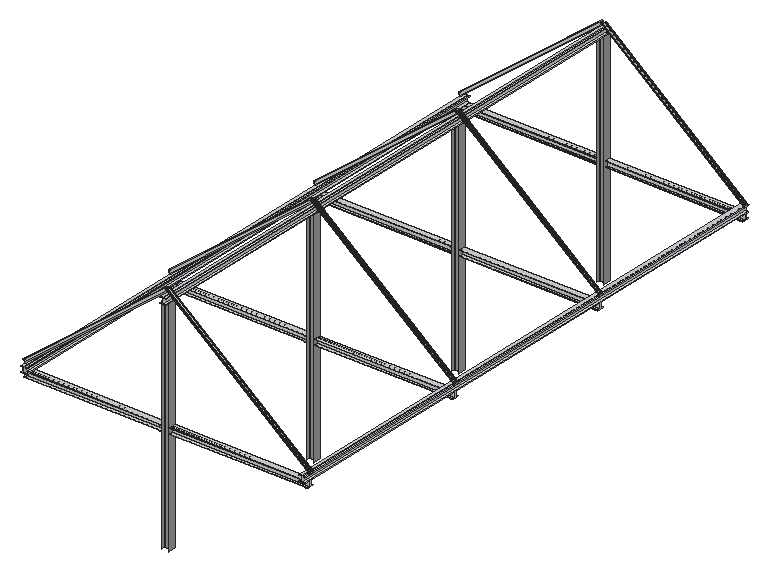
Revit family "PENSILINA", category Generic Models, Revit 2012
Parameters (values of type "Pensilina")
  PNSL Y Distanza trave di colmo da trave di bordo [instance] = 0.79 m
  PNSL Y Distanza trave di colmo da bordo non report = 0.79 m
  PNSL Numero totale pilastri = PNSL Lunghezza totale travi longitudinali / 5.00 m  # 4
  PNSL Metà parametro = 0.125 m
  PNSL Lunghezza totale travi longitudinali = 20.00 m
  PNSL Lunghezza totale per array = PNSL Lunghezza totale travi longitudinali - PNSL Larghezza pilastro matrice  # 19.74 m
  PNSL Lunghezza per matrice = 0.00 m
  PNSL Lunghezza braccio = 5.00 m
  PNSL Larghezza pilastro matrice = 0.26 m
  PNSL Estrusione scatolato pitagora = sqrt((PNSL Altezza travi di colmo e bordo ^ 2) + (PNSL Lunghezza braccio ^ 2)) + (PNSL Metà parametro / cos(PNSL Angolo scatolato arctan))  # 6.563202 m
  PNSL Angolo scatolato arctan = 90.00° - atan(PNSL Lunghezza braccio / PNSL Altezza travi di colmo e bordo)  # 38.6598°
  PNSL Altezza pilastro = 8.00 m
  Numero piloni = 6
  PNSL Altezza travi di colmo e bordo = 4.00 m
Reference planes (m)
  plane 1 "Center (Front/Back)": y = 0
  plane 2: z = 0.7
  plane 3 "Center (Left/Right)": x = 0
  plane 4: y = 30
  plane 5: z = 8.7
  plane 6: z = 4.7
  plane 7: z = 0.7
  plane 8: x = 0.849384
  plane 9: x = 0.974384
  plane 10: x = 0.724384
  plane 11: x = 5.974384
  plane 12: x = -4.275616
  plane 13: z = 8.91
  plane 14: y = 1.485605
  plane 15: z = 4.91
  plane 16: z = 8.7
  plane 17: y = -18.514395
  plane 18: y = -18.254395
Dimensions and locks (m)
  "PNSL Altezza travi di colmo e bordo": plane 5 to plane 6
  "PNSL Altezza pilastro": plane 5 to plane 7
  equal spacing: plane 10, plane 8, plane 9, locked at 0.125 each
  locked: plane 13 to plane 16 at 0.21
  "PNSL Altezza travi di colmo e bordo": plane 13 to plane 15
  "PNSL Lunghezza braccio": plane 10 to plane 12
  "PNSL Lunghezza braccio": plane 11 to plane 9
  "PNSL Metà parametro": plane 10 to plane 8
  "PNSL Lunghezza totale travi longitudinali": plane 17 to plane 14
  "PNSL Larghezza pilastro matrice": nested 4 to plane 14
  nested 4 to plane 14 = 0.26 m
  "PNSL Lunghezza totale per array": plane 18 to plane 14
  equal spacing: group 1, group 3, group 4, group 2  (x2)
  equal spacing: group 2, group 4, group 3, group 1
  aligned and locked: level to plane 2
  aligned and locked: level to plane 7
  aligned and locked: nested 4 to plane 7
  aligned and locked: plane 8 to nested 3
  aligned and locked: plane 9 to nested 4
  aligned and locked: nested 1 to plane 9
  aligned and locked: plane 11 to nested 2
  aligned and locked: nested 6 to nested 5
  aligned and locked: plane 12 to nested 6
  aligned and locked: plane 13 to nested 3
  aligned and locked: plane 14 to nested 4
  aligned and locked: plane 14 to nested 3
  aligned and locked: nested 6 to plane 14
  aligned and locked: plane 11 to nested 7
  aligned and locked: plane 15 to nested 2
  aligned and locked: plane 15 to nested 7
  aligned and locked: plane 6 to nested 1
  aligned and locked: nested 5 to plane 6
  aligned and locked: plane 16 to nested 3
  aligned and locked: plane 5 to plane 16
  aligned and locked: plane 16 to nested 4
  aligned and locked: plane 12 to nested 8
  aligned and locked: plane 14 to nested 2
  aligned and locked: nested 7 to plane 15
  aligned and locked: nested 8 to plane 15
  aligned and locked: plane 18 to nested 12
Nested families (m)
  nested 1: "Trave Acciaio HEA orizzontale" at (0.974384, 1.465605, 4.49), type "Trave Acciaio HEA orizzontale"
    with Trave acciaio lunghezza estrusione orizzontale 5.00 m
  nested 2: "Trave Acciaio HEA orizzontalepensilina" at (5.754384, -18.514395, 4.7) x (0, 1, 0) z (0, 0, 1), type "Trave Acciaio HEA orizzontalepensilina"
    with Trave acciaio HEA orizzontale lunghezza pensilina 20.00 m
  nested 3: "Trave Acciaio HEA orizzontalepensilina" at (0.739384, -18.514395, 8.7) x (0, 1, 0) z (0, 0, 1), type "Trave Acciaio HEA orizzontalepensilina"
    with Trave acciaio HEA orizzontale lunghezza pensilina 20.00 m
  nested 4: "Trave Acciaio HEA" at (0.974384, 1.225605, 0.7) x (0, 1, 0) z (0, 0, 1), type "Trave HEA  260"
    with Trave acciaio HEA ALTEZZA 8.00 m
  nested 5: "Trave Acciaio HEA orizzontale" at (0.724384, 1.465605, 4.49) x (-1, 0, 0) z (0, 0, 1), type "Trave Acciaio HEA orizzontale"
    with Trave acciaio lunghezza estrusione orizzontale 5.00 m
  nested 6: "Trave Acciaio HEA orizzontalepensilina" at (-4.055616, -18.514395, 4.7) x (0, 1, 0) z (0, 0, 1), type "Trave Acciaio HEA orizzontalepensilina"
    with Trave acciaio HEA orizzontale lunghezza pensilina 20.00 m
  nested 7: "ScatolatoSTEFANO" at (5.974384, 1.359355, 4.91) x (0, 1, 0) z (0, 0, 1), type "ScatolatoSTEFANO"
    with Parametroangolare 38.6598°, Lunghezzascatolato 6.563202 m
  nested 8: "ScatolatoSTEFANO" at (-4.275616, 1.359355, 4.91) x (0, 1, 0) z (0, 0, 1), type "ScatolatoSTEFANO"
    with Parametroangolare 38.6598°, Lunghezzascatolato 6.563202 m
  nested 9: "Trave Acciaio HEA orizzontale" at (0.974384, -18.148145, 4.49), type "Trave Acciaio HEA orizzontale"
    with Trave acciaio lunghezza estrusione orizzontale 5.00 m
  nested 10: "Trave Acciaio HEA" at (0.974384, -18.388145, 0.7) x (0, 1, 0) z (0, 0, 1), type "Trave HEA  260"
    with Trave acciaio HEA ALTEZZA 8.00 m
  nested 11: "Trave Acciaio HEA orizzontale" at (0.724384, -18.148145, 4.49) x (-1, 0, 0) z (0, 0, 1), type "Trave Acciaio HEA orizzontale"
    with Trave acciaio lunghezza estrusione orizzontale 5.00 m
  nested 12: "ScatolatoSTEFANO" at (5.974384, -18.254395, 4.91) x (0, 1, 0) z (0, 0, 1), type "ScatolatoSTEFANO"
    with Parametroangolare 38.6598°, Lunghezzascatolato 6.563202 m
  nested 13: "ScatolatoSTEFANO" at (-4.275616, -18.254395, 4.91) x (0, 1, 0) z (0, 0, 1), type "ScatolatoSTEFANO"
    with Parametroangolare 38.6598°, Lunghezzascatolato 6.563202 m
  nested 14: "Trave Acciaio HEA orizzontale" at (0.974384, -5.072312, 4.49), type "Trave Acciaio HEA orizzontale"
    with Trave acciaio lunghezza estrusione orizzontale 5.00 m
  nested 15: "Trave Acciaio HEA" at (0.974384, -5.312312, 0.7) x (0, 1, 0) z (0, 0, 1), type "Trave HEA  260"
    with Trave acciaio HEA ALTEZZA 8.00 m
  nested 16: "Trave Acciaio HEA orizzontale" at (0.724384, -5.072312, 4.49) x (-1, 0, 0) z (0, 0, 1), type "Trave Acciaio HEA orizzontale"
    with Trave acciaio lunghezza estrusione orizzontale 5.00 m
  nested 17: "ScatolatoSTEFANO" at (5.974384, -5.178562, 4.91) x (0, 1, 0) z (0, 0, 1), type "ScatolatoSTEFANO"
    with Parametroangolare 38.6598°, Lunghezzascatolato 6.563202 m
  nested 18: "ScatolatoSTEFANO" at (-4.275616, -5.178562, 4.91) x (0, 1, 0) z (0, 0, 1), type "ScatolatoSTEFANO"
    with Parametroangolare 38.6598°, Lunghezzascatolato 6.563202 m
  nested 19: "Trave Acciaio HEA orizzontale" at (0.974384, -11.610228, 4.49), type "Trave Acciaio HEA orizzontale"
    with Trave acciaio lunghezza estrusione orizzontale 5.00 m
  nested 20: "Trave Acciaio HEA" at (0.974384, -11.850228, 0.7) x (0, 1, 0) z (0, 0, 1), type "Trave HEA  260"
    with Trave acciaio HEA ALTEZZA 8.00 m
  nested 21: "Trave Acciaio HEA orizzontale" at (0.724384, -11.610228, 4.49) x (-1, 0, 0) z (0, 0, 1), type "Trave Acciaio HEA orizzontale"
    with Trave acciaio lunghezza estrusione orizzontale 5.00 m
  nested 22: "ScatolatoSTEFANO" at (5.974384, -11.716478, 4.91) x (0, 1, 0) z (0, 0, 1), type "ScatolatoSTEFANO"
    with Parametroangolare 38.6598°, Lunghezzascatolato 6.563202 m
  nested 23: "ScatolatoSTEFANO" at (-4.275616, -11.716478, 4.91) x (0, 1, 0) z (0, 0, 1), type "ScatolatoSTEFANO"
    with Parametroangolare 38.6598°, Lunghezzascatolato 6.563202 m
Definition of nested family "Trave Acciaio HEA orizzontale"
  Parameters (values of type "Trave Acciaio HEA orizzontale")
    Trave acciao HEA Lunghezza = 0.21 m
    Trave acciaio lunghezza estrusione orizzontale = 3.00 m
    Trave acciaio HEA Spessore lingue = 0.011 m
    Trave acciaio HEA Spessore anima diviso due = 0.0035 m
  Reference planes (m)
    plane 1 "Center (Front/Back)": y = 0
    plane 2: z = 0
    plane 3 "Center (Left/Right)": x = 0
    plane 4: z = 0.21
    plane 5: y = -0.22
    plane 6: y = -0.11
    plane 7: z = 0.105
    plane 8: z = 0.199
    plane 9: z = 0.011
    plane 10: y = -0.1065
    plane 11: y = -0.1135
    plane 12: x = 3
  Forms (m)
    Extrusion 1, solid
      sketch origin (0, 0, 0) x (0, 1, 0) y (0, 0, 1)
        loop
          line (0, 0.204528) -> (0, 0.21) -> (-0.22, 0.21) -> (-0.22, 0.199) -> (-0.1135, 0.199) -> (-0.1135, 0.011) -> (-0.22, 0.011) -> (-0.22, 0) -> (0, 0) -> (0, 0.011) -> (-0.1065, 0.011) -> (-0.1065, 0.199) -> (0, 0.199) -> (0, 0.204528)
      from 0 to 3
  Dimensions and locks (m)
    equal spacing: plane 1 "Center (Front/Back)", plane 6, plane 5
    equal spacing: plane 2, plane 7, plane 4
    "Trave acciaio HEA Spessore lingue": plane 9 to plane 2
    "Trave acciaio HEA Spessore lingue": plane 8 to plane 4
    "Trave acciaio HEA Spessore anima diviso due": plane 10 to plane 6
    "Trave acciaio HEA Spessore anima diviso due": plane 11 to plane 6
    "Trave acciao HEA Lunghezza": level to Extrusion 1
    "Trave acciao HEA Lunghezza": plane 4 to plane 2
    "Trave acciaio lunghezza estrusione orizzontale": plane 12 to plane 3 "Center (Left/Right)"
    aligned and locked: level to plane 2
    aligned and locked: plane 11 to Extrusion 1
    aligned and locked: Extrusion 1 to plane 10
    aligned and locked: plane 9 to Extrusion 1
    aligned and locked: Extrusion 1 to level
    aligned and locked: plane 12 to Extrusion 1
  Automatic sketch dimensions
    Extrusion 1 sketch curve to plane 5 = 0.00 m  (x2)
    Extrusion 1 sketch curve to plane 8 = 0.00 m  (x2)
    Extrusion 1 sketch curve to plane 11 = 0.00 m
    Extrusion 1 sketch curve to plane 10 = 0.00 m
    Extrusion 1 sketch curve to level = 0.00 m
    Extrusion 1 sketch curve to plane 1 "Center (Front/Back)" = 0.00 m  (x2)
    Extrusion 1 sketch curve to plane 9 = 0.00 m  (x2)
    Extrusion 1 sketch curve to plane 4 = 0.005472 m
    Extrusion 1 sketch curve to Extrusion 1 sketch curve = 0.005472 m
Definition of nested family "Trave Acciaio HEA orizzontalepensilina"
  Parameters (values of type "Trave Acciaio HEA orizzontalepensilina")
    Trave acciao HEA Lunghezza = 0.21 m
    Trave acciaio lunghezza estrusione orizzontale = 4.46 m
    Trave acciaio HEA orizzontale lunghezza pensilina = 15.00 m
    Trave acciaio HEA Spessore lingue = 0.011 m
    Trave acciaio HEA Spessore anima diviso due = 0.0035 m
  Reference planes (m)
    plane 1 "Center (Front/Back)": y = 0
    plane 2: z = 0
    plane 3 "Center (Left/Right)": x = 0
    plane 4: z = 0.21
    plane 5: y = -0.22
    plane 6: y = -0.11
    plane 7: z = 0.105
    plane 8: z = 0.199
    plane 9: z = 0.011
    plane 10: y = -0.1065
    plane 11: y = -0.1135
    plane 12: x = 15
  Forms (m)
    Extrusion 1, solid
      sketch origin (0, 0, 0) x (0, 1, 0) y (0, 0, 1)
        loop
          line (0, 0.204528) -> (0, 0.21) -> (-0.22, 0.21) -> (-0.22, 0.199) -> (-0.1135, 0.199) -> (-0.1135, 0.011) -> (-0.22, 0.011) -> (-0.22, 0) -> (0, 0) -> (0, 0.011) -> (-0.1065, 0.011) -> (-0.1065, 0.199) -> (0, 0.199) -> (0, 0.204528)
      from 0 to 15
  Dimensions and locks (m)
    equal spacing: plane 1 "Center (Front/Back)", plane 6, plane 5
    equal spacing: plane 2, plane 7, plane 4
    "Trave acciaio HEA Spessore lingue": plane 9 to plane 2
    "Trave acciaio HEA Spessore lingue": plane 8 to plane 4
    "Trave acciaio HEA Spessore anima diviso due": plane 10 to plane 6
    "Trave acciaio HEA Spessore anima diviso due": plane 11 to plane 6
    "Trave acciao HEA Lunghezza": level to Extrusion 1
    "Trave acciao HEA Lunghezza": plane 4 to plane 2
    "Trave acciaio HEA orizzontale lunghezza pensilina": plane 12 to plane 3 "Center (Left/Right)"
    plane 12 to plane 3 "Center (Left/Right)" = 15.00 m
    aligned and locked: level to plane 2
    aligned and locked: plane 11 to Extrusion 1
    aligned and locked: Extrusion 1 to plane 10
    aligned and locked: plane 9 to Extrusion 1
    aligned and locked: Extrusion 1 to level
    aligned and locked: plane 12 to Extrusion 1
  Automatic sketch dimensions
    Extrusion 1 sketch curve to plane 5 = 0.00 m  (x2)
    Extrusion 1 sketch curve to plane 8 = 0.00 m  (x2)
    Extrusion 1 sketch curve to plane 11 = 0.00 m
    Extrusion 1 sketch curve to plane 10 = 0.00 m
    Extrusion 1 sketch curve to level = 0.00 m
    Extrusion 1 sketch curve to plane 1 "Center (Front/Back)" = 0.00 m  (x2)
    Extrusion 1 sketch curve to plane 9 = 0.00 m  (x2)
    Extrusion 1 sketch curve to plane 4 = 0.005472 m
    Extrusion 1 sketch curve to Extrusion 1 sketch curve = 0.005472 m
Definition of nested family "Trave Acciaio HEA"
  Parameters (values of type "Trave HEA  260")
    Trave accicio HEA Raggio raccordo = 0.0024 m
    Trave acciao HEA Lunghezza = 0.25 m
    Trave acciaio HEA materiale = Acciaio trave
    Trave acciaio HEA altezza [instance] = 5.80 m
    Trave acciaio HEA Spessore lingue = 0.0125 m
    Trave acciaio HEA Spessore anima diviso due = Trave acciaio HEA Spessore anima / 2  # 0.00375 m
    Trave acciaio HEA Spessore anima = 0.0075 m
    Trave acciaio HEA Peso trave = 0.00 kN
    Trave acciaio HEA Peso lineare = 680 N/m
    Trave acciaio HEA Larghezza = 0.26 m
    Trave acciaio HEA Altezza estrusione [instance] = 5.60 m
    Trave acciaio HEA ALTEZZA = 5.00 m
  Types (3, lengths in m): name | Trave accicio HEA Raggio raccordo | Trave acciao HEA Lunghezza | Trave acciaio HEA altezza | Trave acciaio HEA Spessore lingue | Trave acciaio HEA Spessore anima diviso due | Trave acciaio HEA Spessore anima | Trave acciaio HEA Peso lineare | Trave acciaio HEA Larghezza | Trave acciaio HEA Altezza estrusione | Trave acciaio HEA ALTEZZA
    (no name) | 0.0024 | 0.25 | 5.80 | 0.0125 | 0.00375 | 0.0075 | 680 N/m | 0.26 | 5.60 | 5.00
    Trave HEA  260 | 0.0024 | 0.25 | 5.80 | 0.0125 | 0.00375 | 0.0075 | 680 N/m | 0.26 | 5.60 | 5.00
    Trave HEA 300 | 0.014 | 0.29 | 7.00 | 0.014 | 0.00425 | 0.0085 | 880 N/m | 0.30 | 7.00 | 6.432193
  Reference planes (m)
    plane 1 "Center (Front/Back)": y = 0
    plane 2: z = 0
    plane 3 "Center (Left/Right)": x = 0
    plane 4: y = 0.25
    plane 5: x = 0.26
    plane 6: y = 0.2375
    plane 7: y = 0.0125
    plane 8: x = 0.13
    plane 9: x = 0.13375
    plane 10: x = 0.12625
    plane 11: z = 5
  Forms (m)
    Extrusion 1, solid, material "Acciaio trave" <- "Trave acciaio HEA materiale"
      sketch origin (0, 0, 0) x (1, 0, 0) y (0, 1, 0)
        loop
          line (0, 0.25) -> (0, 0.2375) -> (0.12385, 0.2375)
          arc (0.12385, 0.2375) -> (0.125547, 0.236797) -> (0.12625, 0.2351) r 0.0024
          line (0.12625, 0.2351) -> (0.12625, 0.0149)
          arc (0.12625, 0.0149) -> (0.125547, 0.013203) -> (0.12385, 0.0125) r 0.0024
          line (0.12385, 0.0125) -> (0, 0.0125) -> (0, 0) -> (0.26, 0) -> (0.26, 0.0125) -> (0.13615, 0.0125)
          arc (0.13615, 0.0125) -> (0.134453, 0.013203) -> (0.13375, 0.0149) r 0.0024
          line (0.13375, 0.0149) -> (0.13375, 0.2351)
          arc (0.13375, 0.2351) -> (0.134453, 0.236797) -> (0.13615, 0.2375) r 0.0024
          line (0.13615, 0.2375) -> (0.26, 0.2375) -> (0.26, 0.25) -> (0, 0.25)
      from 0 to 5
  Dimensions and locks (m)
    "Trave acciaio HEA Larghezza": plane 5 to plane 3 "Center (Left/Right)"
    "Trave acciaio HEA Spessore lingue": plane 6 to plane 4
    "Trave acciaio HEA Spessore lingue": plane 7 to plane 1 "Center (Front/Back)"
    plane 7 to plane 6 = 0.225 m
    "Trave acciao HEA Lunghezza": plane 4 to plane 1 "Center (Front/Back)"
    plane 5 to plane 8 to plane 3 "Center (Left/Right)" = 0.13 m, 0.13 m
    "Trave acciaio HEA Spessore anima diviso due": plane 9 to plane 8
    "Trave acciaio HEA Spessore anima diviso due": plane 10 to plane 8
    "Trave acciaio HEA ALTEZZA": plane 11 to plane 2
    "Trave accicio HEA Raggio raccordo": radius of Extrusion 1 sketch curve  (x4)
    aligned and locked: level to plane 2
    aligned and locked: plane 4 to Extrusion 1
    aligned and locked: Extrusion 1 to plane 6  (x2)
    aligned and locked: plane 7 to Extrusion 1  (x2)
    aligned and locked: Extrusion 1 to plane 10
    aligned and locked: Extrusion 1 to plane 9
    aligned and locked: plane 11 to Extrusion 1
  Automatic sketch dimensions
    Extrusion 1 sketch curve to plane 3 "Center (Left/Right)" = 0.00 m  (x2)
    plane 7 to Extrusion 1 sketch curve = 0.00 m  (x2)
    Extrusion 1 sketch curve to plane 6 = 0.00 m  (x2)
    plane 1 "Center (Front/Back)" to Extrusion 1 sketch curve = 0.00 m
    Extrusion 1 sketch curve to plane 5 = 0.00 m  (x2)
    plane 4 to Extrusion 1 sketch curve = 0.00 m
    Extrusion 1 sketch curve to plane 5 = 0.12625 m
    plane 3 "Center (Left/Right)" to Extrusion 1 sketch curve = 0.12385 m
Definition of nested family "ScatolatoSTEFANO"
  Parameters (values of type "ScatolatoSTEFANO")
    Spessore scatolato = 0.004 m
    Raccordo interno = Raccordo esterno  # 0.01 m
    Raccordo esterno = 0.01 m
    Parametroangolare = 0.00°
    Lunghezzascatolato = 2.00 m
    Larghezza scatolato = 0.08 m
    Altezza scatolato = 0.08 m
  Reference planes (m)
    plane 1 "Center (Front/Back)": y = 0
    plane 2: z = 0
    plane 3 "Center (Left/Right)": x = 0
    plane 4: x = -0.04
    plane 5: x = 0.04
    plane 6: z = 0
    plane 7: z = 0.12
    plane 8: x = -0.036
    plane 9: z = 0.116
    plane 10: z = 0.004
    plane 11: x = 0.036
  Forms (m)
    Sweep 1, solid
      path in 3D
        loop
          line (0, 2, 0) -> (0, 0, 0)
      profile origin (0, 1, 0) x (0, 0, -1) y (1, 0, 0)
        loop
          arc (-0.12, -0.026) -> (-0.115899, -0.035899) -> (-0.106, -0.04) r 0.014
          line (-0.106, -0.04) -> (-0.014, -0.04)
          arc (-0.014, -0.04) -> (-0.004101, -0.035899) -> (0, -0.026) r 0.014
          line (0, -0.026) -> (0, 0.026)
          arc (0, 0.026) -> (-0.004101, 0.035899) -> (-0.014, 0.04) r 0.014
          line (-0.014, 0.04) -> (-0.106, 0.04)
          arc (-0.106, 0.04) -> (-0.115899, 0.035899) -> (-0.12, 0.026) r 0.014
          line (-0.12, 0.026) -> (-0.12, -0.026)
        loop
          arc (-0.004, 0.026) -> (-0.006929, 0.033071) -> (-0.014, 0.036) r 0.01
          line (-0.014, 0.036) -> (-0.106, 0.036)
          arc (-0.106, 0.036) -> (-0.113071, 0.033071) -> (-0.116, 0.026) r 0.01
          line (-0.116, 0.026) -> (-0.116, -0.026)
          arc (-0.116, -0.026) -> (-0.113071, -0.033071) -> (-0.106, -0.036) r 0.01
          line (-0.106, -0.036) -> (-0.014, -0.036)
          arc (-0.014, -0.036) -> (-0.006929, -0.033071) -> (-0.004, -0.026) r 0.01
          line (-0.004, -0.026) -> (-0.004, 0.026)
  Lines and regions (m)
    reference lines
      curve 1: line (0, 2, 0) -> (0, 0, 0)
    sketch lines
      curve 2: line (0, 2, 0) -> (0, 0, 0)
  Dimensions and locks (m)
    equal spacing: plane 5, plane 3 "Center (Left/Right)", plane 4
    "Lunghezzascatolato": curve 1 to curve 1
    "Larghezza scatolato": plane 5 to plane 4
    "Spessore scatolato": plane 8 to plane 4
    "Spessore scatolato": plane 5 to plane 11
    "Raccordo interno": radius of Sweep 1 sketch curve  (x4)
    "Parametroangolare": angle level to curve 1
    aligned and locked: level to plane 2
    aligned and locked: Sweep 1 sketch curve to plane 5
    aligned and locked: plane 4 to Sweep 1 sketch curve
    aligned and locked: Sweep 1 sketch curve to plane 11
    aligned and locked: plane 8 to Sweep 1 sketch curve
  Automatic sketch dimensions
    curve 1 to level = 0.00 m
    curve 1 to plane 1 "Center (Front/Back)" = 0.00 m
    Sweep 1 sketch curve to Sweep 1 sketch curve = 0.00 m  (x6)
    Sweep 1 sketch curve to Sweep 1 sketch curve = 0.092 m
    Sweep 1 sketch curve to profile plane = 0.00 m
